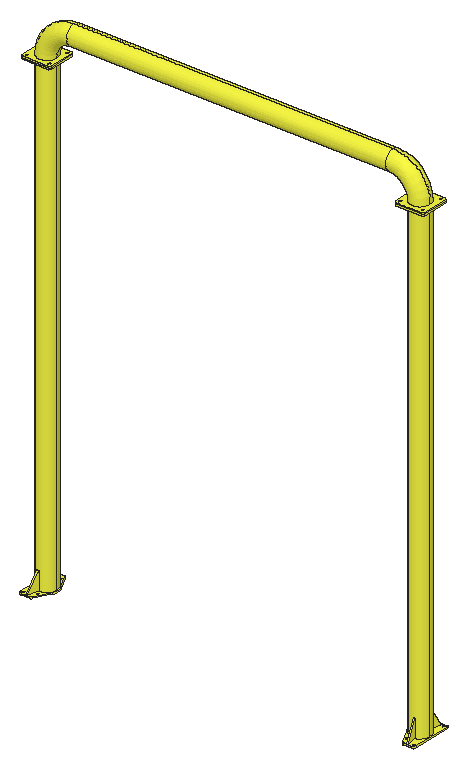
Revit family "Safety & Protection_Bollard_UltiGroup_Steel Full Frame Bollard", category Generic Models, Revit 2016
Family settings
  Part Type = Normal
  Can host rebar = No
  Round Connector Dimension = Use Diameter
  Work Plane-Based = No
  Always vertical = Yes
  Cut with Voids When Loaded = No
  Shared = No
  Room Calculation Point = No
Parameters (values of type "Type 3 Full Frame Bollard without Stays")
  URL = "www.ultigroup.co.nz"
  Type 2 Stays width = 1100 mm
  Type 2 Stays = no
  Type 1 Stays width = 750 mm
  Type 1 Stays = no
  Toll Free Phone = "0800 807 753"
  StyleOrType_ANZRS = ""
  Send Message = "http://ultigroup.co.nz/contact-ulti-group/"
  Phone = "07 974 4691"
  Opening height = 4200 mm
  Opening Width = 3000 mm
  ModifiedIssue_ANZRS = 0
  Model = "Steel Full Frame Bollard - Type 3 without Stays"
  InstallationGroup_ANZRS = 0
  Galvanised Steel Yellow = Galvanised Steel Yellow
  FireRating_ANZRS = ""
  FilterObject_ANZRS = ""
  Fax = "07 846 2467"
  Description = "Galvanised Steel Full Frame Bollard"
  CreatedBy_ANZRS = "UltiGroup"
  CreatedByURL_ANZRS = "www.ultigroup.co.nz"
  CreatedByPhoneNo_ANZRS = "07 974 4691"
  Bolt depth = 71 mm
  Bollard radius = 82.5 mm
  Base Plate width = 250 mm
  Plate Thickness = 12 mm
  Base Plate length = 250 mm
  Address = "17 McKee Street, Te Rapa, Hamilton, 3200, New Zealand"
  AcousticRating_ANZRS = ""
Types (5, lengths in mm): name | Type 2 Stays | Type 1 Stays | Opening height | Opening Width | Model
  (no name) | no | no | 4200 | 3000 | "Steel Full Frame Bollard - Type 3 without Stays"
  Type 1 Full frame Bollard with Stays | no | yes | 4200 | 2500 | "Steel Full Frame Bollard - Type 1 with Stays"
  Type 2 Full Frame Bollard with Stays | yes | no | 4200 | 2500 | "Steel Full Frame Bollard - Type 2 with Stays"
  Type 3 Full Frame Bollard without Stays | no | no | 4200 | 3000 | "Steel Full Frame Bollard - Type 3 without Stays"
  Type 6 Full Frame Bollard with Stays | no | yes | 4500 | 4000 | "Steel Full Frame Bollard - Type 6 with stays"
Reference planes
  plane 1 "Center (Front/Back)": y = 0
  plane 2: z = 0
  plane 3 "Center (Left/Right)": x = 0
  plane 4: x = 3165
  plane 5: z = 12
  plane 6: x = -125
  plane 7: x = 125
  plane 8: y = 125
  plane 9: y = -125
  plane 10: x = 3040
  plane 11: x = 3290
  plane 12: x = 95
  plane 13: x = -95
  plane 14: y = 95
  plane 15: y = -95
  plane 16: x = 3260
  plane 17: x = 3070
  plane 18: z = 4200
  plane 19: z = 4282.5
  plane 20: z = 4042
  plane 21: z = 4030
  plane 22: x = 82.5
  plane 23: x = 3082.5
  plane 24: z = 4054
  plane 25: z = -48.246
  plane 26: z = -119.246
  plane 27: y = -82.5
  plane 28: y = -832.5
  plane 29: y = -915
  plane 30: y = -1182.5
  plane 31: y = -1265
  plane 32: y = -1082.5
  plane 33: y = -1447.5
  plane 34: y = -1102.5
  plane 35: y = -1427.5
  plane 36: through (0, -1289.164, 1941.664) normal (0, 0.7071, -0.7071)
  plane 37: z = 1965.827
  plane 38: through (-29.97, -1095.029, 1200) normal (0.9848, 0.1736, 0)
  plane 39: through (-29.97, -1434.971, 1200) normal (-0.9848, 0.1736, 0)
  plane 40: x = -73
  plane 41: x = 17
  plane 42: x = 3238
  plane 43: x = 3148
  plane 44: y = -732.5
  plane 45: y = -1097.5
  plane 46: y = -1077.5
  plane 47: y = -752.5
  plane 48: x = -93
  plane 49: x = 3258
  plane 50: y = -1142.5
  plane 51: y = -1387.5
  plane 52: x = 1582.5
  plane 53: through (0, -915, 1200) normal (-0.9848, -0.1736, 0)
  plane 54: through (0, -915, 1200) normal (0.9848, -0.1736, 0)
  plane 55: y = -792
  plane 56: y = -1038
  plane 57: y = 182.5
  plane 58: y = -182.5
  plane 59: y = 162.5
  plane 60: y = -162.5
  plane 61: y = 123
  plane 62: y = -123
  plane 63: through (0, 0, 1200) normal (-0.9848, -0.1736, 0)
  plane 64: through (0, 0, 1200) normal (0.9848, -0.1736, 0)
Forms (mm)
  Extrusion 1, solid, material "Galvanised Steel Yellow" <- "Galvanised Steel Yellow"
    sketch origin (-1515.324, -1524, 12) x (-1, 0, 0) y (0, -1, 0)
      loop
        circle (-1515.324, -1524) r 82.5
      loop
        circle (-4680.324, -1524) r 82.5
      loop
        circle (-4680.324, -1524) r 81
      loop
        circle (-1515.324, -1524) r 81
    from 0 to 4018
  Extrusion 2, solid, material "Galvanised Steel Yellow" <- "Galvanised Steel Yellow"
    sketch origin (-2187.536, -1524, 4030) x (-1, 0, 0) y (0, -1, 0)
      loop
        line (-2312.536, -1634) -> (-2297.536, -1649) -> (-2077.536, -1649) -> (-2062.536, -1634) -> (-2062.536, -1414) -> (-2077.536, -1399) -> (-2297.536, -1399) -> (-2312.536, -1414) -> (-2312.536, -1634)
      loop
        line (-5227.536, -1634) -> (-5227.536, -1414) -> (-5242.536, -1399) -> (-5462.536, -1399) -> (-5477.536, -1414) -> (-5477.536, -1634) -> (-5462.536, -1649) -> (-5242.536, -1649) -> (-5227.536, -1634)
      loop
        circle (-5257.536, -1619) r 10.5
      loop
        circle (-5447.536, -1619) r 8
      loop
        circle (-5257.536, -1429) r 10.5
      loop
        circle (-5447.536, -1429) r 8
      loop
        circle (-2092.536, -1619) r 8
      loop
        circle (-2282.536, -1619) r 8
      loop
        circle (-2092.536, -1429) r 8
      loop
        circle (-2282.536, -1429) r 8
    from 0 to 12
  Extrusion 3, solid, material "Galvanised Steel Yellow" <- "Galvanised Steel Yellow"
    sketch origin (-2187.536, -1524, 4042) x (-1, 0, 0) y (0, -1, 0)
      loop
        line (-2077.536, -1649) -> (-2062.536, -1634) -> (-2062.536, -1414) -> (-2077.536, -1399) -> (-2297.536, -1399) -> (-2312.536, -1414) -> (-2312.536, -1634) -> (-2297.536, -1649) -> (-2077.536, -1649)
      loop
        line (-5227.536, -1634) -> (-5227.536, -1414) -> (-5242.536, -1399) -> (-5462.536, -1399) -> (-5477.536, -1414) -> (-5477.536, -1634) -> (-5462.536, -1649) -> (-5242.536, -1649) -> (-5227.536, -1634)
      loop
        circle (-2092.536, -1619) r 8
      loop
        circle (-2282.536, -1619) r 8
      loop
        circle (-2282.536, -1429) r 8
      loop
        circle (-2092.536, -1429) r 8
      loop
        circle (-5257.536, -1619) r 8
      loop
        circle (-5447.536, -1619) r 8
      loop
        circle (-5257.536, -1429) r 8
      loop
        circle (-5447.536, -1429) r 8
    from 0 to 12
  Sweep 4, solid, material "Galvanised Steel Yellow" <- "Galvanised Steel Yellow"
    path origin (0, 0, 0) x (1, 0, 0) y (0, 0, 1)
      loop
        arc (0, 4053.5) -> (67.073, 4215.427) -> (229, 4282.5) r 229
        line (229, 4282.5) -> (2936, 4282.5)
        arc (2936, 4282.5) -> (3097.927, 4215.427) -> (3165, 4053.5) r 229
    profile origin (1582.5, 0, 4282.5) x (0, 0, 1) y (0, -1, 0)
      loop
        circle (0, 0) r 82.5
      loop
        circle (0, 0) r 78.5
  Extrusion 5, solid, material "Galvanised Steel Yellow" <- "Galvanised Steel Yellow", visible <- "Type 1 Stays"
    sketch origin (0, 0, 0) x (1, 0, 0) y (0, 1, 0)
      loop
        arc (-93, -1077.5) -> (-87.142, -1091.642) -> (-73, -1097.5) r 20
        line (-73, -1097.5) -> (-4.935, -1097.5)
        arc (-4.935, -1097.5) -> (5.304, -1094.68) -> (12.656, -1087.016) r 20
        line (12.656, -1087.016) -> (80.353, -961.871)
        arc (80.353, -961.871) -> (93, -915.048) -> (80.353, -868.224) r 93
        line (80.353, -868.224) -> (12.605, -742.984)
        arc (12.605, -742.984) -> (5.253, -735.32) -> (-4.986, -732.5) r 20
        line (-4.986, -732.5) -> (-73, -732.5)
        arc (-73, -732.5) -> (-87.142, -738.358) -> (-93, -752.5) r 20
        line (-93, -752.5) -> (-93, -1077.5)
      loop
        line (3258, -1077.5) -> (3258, -752.5)
        arc (3258, -752.5) -> (3252.142, -738.358) -> (3238, -732.5) r 20
        line (3238, -732.5) -> (3169.986, -732.5)
        arc (3169.986, -732.5) -> (3159.747, -735.32) -> (3152.395, -742.984) r 20
        line (3152.395, -742.984) -> (3084.647, -868.224)
        arc (3084.647, -868.224) -> (3072, -915.048) -> (3084.647, -961.871) r 93
        line (3084.647, -961.871) -> (3152.344, -1087.016)
        arc (3152.344, -1087.016) -> (3159.696, -1094.68) -> (3169.935, -1097.5) r 20
        line (3169.935, -1097.5) -> (3238, -1097.5)
        arc (3238, -1097.5) -> (3252.142, -1091.642) -> (3258, -1077.5) r 20
      loop
        circle (17, -792) r 8
      loop
        circle (-73, -1077.5) r 8
      loop
        circle (-73, -752.5) r 8
      loop
        circle (17, -1038) r 8
      loop
        circle (3148, -792) r 8
      loop
        circle (3238, -1077.5) r 8
      loop
        circle (3238, -752.5) r 8
      loop
        circle (3148, -1038) r 8
    from 0 to 12
  Sweep 6, solid, material "Galvanised Steel Yellow" <- "Galvanised Steel Yellow", visible <- "Type 1 Stays"
    path origin (0, 0, 0) x (0, 1, 0) y (0, 0, 1)
      loop
        line (-915, 12) -> (-915, 865.827) -> (-228.518, 1552.31)
    profile origin (0, -915, 438.914) x (0, -1, 0) y (1, 0, 0)
      loop
        circle (0, 0) r 82.5
      loop
        circle (0, 0) r 78.5
  Sweep 7, solid, material "Galvanised Steel Yellow" <- "Galvanised Steel Yellow", visible <- "Type 1 Stays"
    path origin (3165, 2000, 1200) x (0, 1, 0) y (0, 0, 1)
      loop
        line (-2915, -1188) -> (-2915, -334.173) -> (-2228.518, 352.31)
    profile origin (3165, -915, 438.914) x (0, -1, 0) y (1, 0, 0)
      loop
        circle (0, 0) r 82.5
      loop
        circle (0, 0) r 78.5
  Extrusion 8, solid, material "Galvanised Steel Yellow" <- "Galvanised Steel Yellow", visible <- "Type 1 Stays"
    sketch origin (0, 0, 0) x (0, 1, 0) y (0, 0, 1)
      loop
        line (-82.5, 1581.655) -> (-82.5, 1815) -> (-269.883, 1627.617) -> (-153.211, 1510.944) -> (-82.5, 1581.655)
    from -6 to 6
  Extrusion 9, solid, material "Galvanised Steel Yellow" <- "Galvanised Steel Yellow", visible <- "Type 1 Stays"
    sketch origin (3165, 2000, 1200) x (0, 1, 0) y (0, 0, 1)
      loop
        line (-2082.5, 381.655) -> (-2082.5, 615) -> (-2269.883, 427.617) -> (-2153.211, 310.944) -> (-2082.5, 381.655)
    from -6 to 6
  Extrusion 10, solid, material "Galvanised Steel Yellow" <- "Galvanised Steel Yellow", visible <- "Type 1 Stays"
    sketch origin (0, -153.211, 1510.944) x (0, -0.707107, 0.707107) y (-1, 0, 0)
      loop
        line (207.5, -110) -> (207.5, 110) -> (192.5, 125) -> (-27.5, 125) -> (-42.5, 110) -> (-42.5, -110) -> (-27.5, -125) -> (192.5, -125) -> (207.5, -110)
      loop
        circle (177.5, 95) r 8
      loop
        circle (-12.5, 95) r 8
      loop
        circle (-12.5, -95) r 8
      loop
        circle (177.5, -95) r 8
    from 0 to 12
  Extrusion 11, solid, material "Galvanised Steel Yellow" <- "Galvanised Steel Yellow", visible <- "Type 1 Stays"
    sketch origin (3165, -269.883, 1627.617) x (0, 0.707107, -0.707107) y (1, 0, 0)
      loop
        line (192.5, 125) -> (-27.5, 125) -> (-42.5, 110) -> (-42.5, -110) -> (-27.5, -125) -> (192.5, -125) -> (207.5, -110) -> (207.5, 110) -> (192.5, 125)
      loop
        circle (-12.5, -95) r 8
      loop
        circle (177.5, -95) r 8
      loop
        circle (177.5, 95) r 8
      loop
        circle (-12.5, 95) r 8
    from 0 to 12
  Extrusion 12, solid, material "Galvanised Steel Yellow" <- "Galvanised Steel Yellow", visible <- "Type 1 Stays"
    sketch origin (0, -228.518, 1552.31) x (1, 0, 0) y (0, 0.707107, -0.707107)
      loop
        line (110, -125.001) -> (125, -110.001) -> (125, 109.999) -> (110, 124.999) -> (-110, 124.999) -> (-125, 109.999) -> (-125, -110.001) -> (-110, -125.001) -> (110, -125.001)
      loop
        circle (-95, -95) r 8
      loop
        circle (-95, 95) r 8
      loop
        circle (95, 95) r 8
      loop
        circle (95, -95) r 8
    from 0 to 12
  Extrusion 13, solid, material "Galvanised Steel Yellow" <- "Galvanised Steel Yellow", visible <- "Type 1 Stays"
    sketch origin (3165, -228.518, 1552.31) x (1, 0, 0) y (0, 0.707107, -0.707107)
      loop
        line (110, -125.001) -> (125, -110.001) -> (125, 109.999) -> (110, 124.999) -> (-110, 124.999) -> (-125, 109.999) -> (-125, -110.001) -> (-110, -125.001) -> (110, -125.001)
      loop
        circle (-95, -95) r 8
      loop
        circle (-95, 95) r 8
      loop
        circle (95, 95) r 8
      loop
        circle (95, -95) r 8
    from 0 to 12
  Extrusion 14, solid, material "Galvanised Steel Yellow" <- "Galvanised Steel Yellow", visible <- "Type 2 Stays"
    sketch origin (0, 0, 0) x (1, 0, 0) y (0, 1, 0)
      loop
        arc (-93, -1427.791) -> (-87.041, -1441.745) -> (-73.002, -1447.5) r 20
        line (-73.002, -1447.5) -> (-4.937, -1447.5)
        arc (-4.937, -1447.5) -> (5.302, -1444.68) -> (12.654, -1437.016) r 20
        line (12.654, -1437.016) -> (80.351, -1311.871)
        arc (80.351, -1311.871) -> (92.998, -1265.048) -> (80.351, -1218.224) r 93
        line (80.351, -1218.224) -> (12.587, -1093.006)
        arc (12.587, -1093.006) -> (5.226, -1085.326) -> (-5.029, -1082.5) r 20.022
        line (-5.029, -1082.5) -> (-72.898, -1082.5)
        arc (-72.898, -1082.5) -> (-87.112, -1088.388) -> (-93, -1102.602) r 20.102
        line (-93, -1102.602) -> (-93, -1427.791)
      loop
        circle (-73, -1102.5) r 8
      loop
        circle (-73, -1427.5) r 8
      loop
        circle (17, -1142.5) r 8
      loop
        circle (17, -1387.5) r 8
      loop
        arc (3152.346, -1437.016) -> (3159.698, -1444.68) -> (3169.937, -1447.5) r 20
        line (3169.937, -1447.5) -> (3238, -1447.5)
        arc (3238, -1447.5) -> (3252.142, -1441.642) -> (3258, -1427.5) r 20
        line (3258, -1427.5) -> (3258, -1102.5)
        arc (3258, -1102.5) -> (3252.142, -1088.358) -> (3238, -1082.5) r 20
        line (3238, -1082.5) -> (3170.029, -1082.5)
        arc (3170.029, -1082.5) -> (3159.774, -1085.326) -> (3152.413, -1093.006) r 20.022
        line (3152.413, -1093.006) -> (3084.649, -1218.224)
        arc (3084.649, -1218.224) -> (3072.002, -1265.048) -> (3084.649, -1311.871) r 93
        line (3084.649, -1311.871) -> (3152.346, -1437.016)
      loop
        circle (3148, -1142.5) r 8
      loop
        circle (3148, -1387.5) r 8
      loop
        circle (3238, -1427.5) r 8
      loop
        circle (3238, -1102.5) r 8
    from 0 to 12
  Sweep 15, solid, material "Galvanised Steel Yellow" <- "Galvanised Steel Yellow", visible <- "Type 2 Stays"
    path origin (0, 0, 0) x (0, 1, 0) y (0, 0, 1)
      loop
        line (-1265, 12) -> (-1265, 1965.827) -> (-228.518, 3002.31)
    profile origin (0, -1265, 988.914) x (0, -1, 0) y (1, 0, 0)
      loop
        circle (0, 0) r 82.5
      loop
        circle (0, 0) r 78.5
  Sweep 16, solid, material "Galvanised Steel Yellow" <- "Galvanised Steel Yellow", visible <- "Type 2 Stays"
    path origin (3165, 2000, 1200) x (0, 1, 0) y (0, 0, 1)
      loop
        line (-3265, -1188) -> (-3265, 765.827) -> (-2228.518, 1802.31)
    profile origin (3165, -1265, 988.914) x (0, -1, 0) y (1, 0, 0)
      loop
        circle (0, 0) r 82.5
      loop
        circle (0, 0) r 78.5
  Extrusion 17, solid, material "Galvanised Steel Yellow" <- "Galvanised Steel Yellow", visible <- "Type 2 Stays"
    sketch origin (0, -228.518, 3002.31) x (1, 0, 0) y (0, 0.707107, -0.707107)
      loop
        line (-110, -125) -> (110, -125) -> (125, -110) -> (125, 110) -> (110, 125) -> (-110, 125) -> (-125, 110) -> (-125, -110) -> (-110, -125)
      loop
        circle (-95, -95) r 8
      loop
        circle (95, -95) r 8
      loop
        circle (95, 95) r 8
      loop
        circle (-95, 95) r 8
    from 0 to 12
  Extrusion 18, solid, material "Galvanised Steel Yellow" <- "Galvanised Steel Yellow", visible <- "Type 2 Stays"
    sketch origin (0, -220.032, 3010.795) x (1, 0, 0) y (0, 0.707107, -0.707107)
      loop
        line (-110, -125) -> (110, -125) -> (125, -110) -> (125, 110) -> (110, 125) -> (-110, 125) -> (-125, 110) -> (-125, -110) -> (-110, -125)
      loop
        circle (-95, -95) r 8
      loop
        circle (95, -95) r 8
      loop
        circle (-95, 95) r 8
      loop
        circle (95, 95) r 8
    from 0 to 12
  Extrusion 19, solid, material "Galvanised Steel Yellow" <- "Galvanised Steel Yellow", visible <- "Type 2 Stays"
    sketch origin (3165, -228.518, 3002.31) x (1, 0, 0) y (0, 0.707107, -0.707107)
      loop
        line (-125, 110) -> (-125, -110) -> (-110, -125) -> (110, -125) -> (125, -110) -> (125, 110) -> (110, 125) -> (-110, 125) -> (-125, 110)
      loop
        circle (-95, -95) r 8
      loop
        circle (95, -95) r 8
      loop
        circle (95, 95) r 8
      loop
        circle (-95, 95) r 8
    from 0 to 12
  Extrusion 20, solid, material "Galvanised Steel Yellow" <- "Galvanised Steel Yellow", visible <- "Type 2 Stays"
    sketch origin (3165, -220.032, 3010.795) x (1, 0, 0) y (0, 0.707107, -0.707107)
      loop
        line (-110, -125) -> (110, -125) -> (125, -110) -> (125, 110) -> (110, 125) -> (-110, 125) -> (-125, 110) -> (-125, -110) -> (-110, -125)
      loop
        circle (-95, -95) r 8
      loop
        circle (-95, 95) r 8
      loop
        circle (95, 95) r 8
      loop
        circle (95, -95) r 8
    from 0 to 12
  Extrusion 21, solid, material "Galvanised Steel Yellow" <- "Galvanised Steel Yellow", visible <- "Type 2 Stays"
    sketch origin (0, 0, 0) x (0, 1, 0) y (0, 0, 1)
      loop
        line (-153.211, 2960.944) -> (-82.5, 3031.655) -> (-82.5, 3265) -> (-269.883, 3077.617) -> (-153.211, 2960.944)
    from -6 to 6
  Extrusion 22, solid, material "Galvanised Steel Yellow" <- "Galvanised Steel Yellow", visible <- "Type 2 Stays"
    sketch origin (3165, 2000, 1200) x (0, 1, 0) y (0, 0, 1)
      loop
        line (-2153.211, 1760.944) -> (-2082.5, 1831.655) -> (-2082.5, 2065) -> (-2269.883, 1877.617) -> (-2153.211, 1760.944)
    from -6 to 6
  Extrusion 23, solid, material "Galvanised Steel Yellow" <- "Galvanised Steel Yellow", visible <- "Type 2 Stays"
    sketch origin (-29.97, -1095.029, 1200) x (-0.173648, 0.984808, 0) y (0, 0, 1)
      loop
        line (-90.062, -1188) -> (-0.062, -1188) -> (-90.062, -1038) -> (-90.062, -1188)
    from -6 to 6
  Extrusion 24, solid, material "Galvanised Steel Yellow" <- "Galvanised Steel Yellow", visible <- "Type 2 Stays"
    sketch origin (-29.97, -1434.971, 1200) x (-0.173648, -0.984808, 0) y (0, 0, -1)
      loop
        line (-90.124, 1188) -> (-90.124, 1038) -> (-0.124, 1188) -> (-90.124, 1188)
    from -6 to 6
  Extrusion 25, solid, material "Galvanised Steel Yellow" <- "Galvanised Steel Yellow", visible <- "Type 2 Stays"
    sketch origin (-1515.324, -1524, 12) x (-1, 0, 0) y (0, -1, 0)
      loop
        line (-4688.703, -176.927) -> (-4704.369, -88.079) -> (-4716.187, -90.163) -> (-4700.521, -179.01)
        arc (-4700.521, -179.01) -> (-4694.65, -177.753) -> (-4688.703, -176.927) r 82.5
      loop
        line (-4700.521, -338.99) -> (-4716.187, -427.837) -> (-4704.369, -429.921) -> (-4688.703, -341.073)
        arc (-4688.703, -341.073) -> (-4694.65, -340.247) -> (-4700.521, -338.99) r 82.5
    from 0 to 150
  Sweep 26, void
    path in 3D
      loop
        line (3200.863, -1433.837, 12) -> (3189.045, -1435.921, 12)
    profile origin (3194.954, -1434.879, 12) x (-0.173648, 0.984808, 0) y (0, 0, -1)
      loop
        line (0, -150) -> (90, -150) -> (0, 0) -> (0, -150)
  Sweep 27, void
    path in 3D
      loop
        line (3189.045, -1094.079, 12) -> (3200.863, -1096.163, 12)
    profile origin (3194.954, -1095.121, 12) x (-0.173648, -0.984808, 0) y (0, 0, -1)
      loop
        line (0, 0) -> (0, -150) -> (90, -150) -> (0, 0)
  Extrusion 28, solid, material "Galvanised Steel Yellow" <- "Galvanised Steel Yellow", visible <- "Type 1 Stays"
    sketch origin (0, -915, 1200) x (0.173648, -0.984808, 0) y (0, 0, 1)
      loop
        line (-82.5, -1188) -> (-82.5, -1038) -> (-172.5, -1188) -> (-82.5, -1188)
    from -6 to 6
  Extrusion 29, solid, material "Galvanised Steel Yellow" <- "Galvanised Steel Yellow", visible <- "Type 1 Stays"
    sketch origin (0, -915, 1200) x (0.173648, 0.984808, 0) y (0, 0, 1)
      loop
        line (-82.5, -1188) -> (-82.5, -1038) -> (-172.5, -1188) -> (-82.5, -1188)
    from -6 to 6
  Extrusion 30, solid, material "Galvanised Steel Yellow" <- "Galvanised Steel Yellow", visible <- "Type 1 Stays"
    sketch origin (-1515.324, -1524, 12) x (-1, 0, 0) y (0, -1, 0)
      loop
        line (-4700.56, -688.98) -> (-4716.243, -777.922) -> (-4704.425, -780.006) -> (-4688.743, -691.069)
        arc (-4688.743, -691.069) -> (-4694.69, -690.24) -> (-4700.56, -688.98) r 82.5
      loop
        line (-4716.243, -440.078) -> (-4700.56, -529.02)
        arc (-4700.56, -529.02) -> (-4694.69, -527.76) -> (-4688.743, -526.931) r 82.5
        line (-4688.743, -526.931) -> (-4704.425, -437.994) -> (-4716.243, -440.078)
    from 0 to 150
  Sweep 31, void
    path in 3D
      loop
        line (3200.919, -1083.922, 12) -> (3189.102, -1086.006, 12)
    profile origin (3195.011, -1084.964, 12) x (-0.173648, 0.984808, 0) y (0, 0, -1)
      loop
        line (0, 0) -> (0, -150) -> (90.309, -150) -> (0, 0)
  Sweep 32, void
    path in 3D
      loop
        line (3189.102, -743.994, 12) -> (3200.919, -746.078, 12)
    profile origin (3195.011, -745.036, 12) x (-0.173648, -0.984808, 0) y (0, 0, -1)
      loop
        line (0, 0) -> (0, -150) -> (90.315, -150) -> (0, 0)
  Extrusion 33, solid, material "Galvanised Steel Yellow" <- "Galvanised Steel Yellow"
    sketch origin (0, 0, 1200) x (0.173648, -0.984808, 0) y (0, 0, 1)
      loop
        line (-172.5, -1188) -> (-82.5, -1188) -> (-82.5, -1038) -> (-172.5, -1188)
    from -6 to 6
  Extrusion 34, solid, material "Galvanised Steel Yellow" <- "Galvanised Steel Yellow"
    sketch origin (0, 0, 1200) x (0.173648, 0.984808, 0) y (0, 0, 1)
      loop
        line (-82.5, -1188) -> (-82.5, -1038) -> (-172.5, -1188) -> (-82.5, -1188)
    from -6 to 6
  Extrusion 35, solid, material "Galvanised Steel Yellow" <- "Galvanised Steel Yellow"
    sketch origin (-1515.324, -1524, 12) x (-1, 0, 0) y (0, -1, 0)
      loop
        line (-4700.56, -1603.98) -> (-4716.243, -1692.922) -> (-4704.425, -1695.006) -> (-4688.743, -1606.069)
        arc (-4688.743, -1606.069) -> (-4694.69, -1605.24) -> (-4700.56, -1603.98) r 82.5
      loop
        line (-4704.425, -1352.994) -> (-4716.243, -1355.078) -> (-4700.56, -1444.02)
        arc (-4700.56, -1444.02) -> (-4694.69, -1442.76) -> (-4688.743, -1441.931) r 82.5
        line (-4688.743, -1441.931) -> (-4704.425, -1352.994)
    from 0 to 150
  Sweep 36, void
    path in 3D
      loop
        line (3200.919, -168.922, 12) -> (3189.102, -171.006, 12)
    profile origin (3195.011, -169.964, 12) x (-0.173648, 0.984808, 0) y (0, 0, -1)
      loop
        line (0, 0) -> (0, -150) -> (90, -150) -> (0, 0)
  Sweep 37, void
    path in 3D
      loop
        line (3189.102, 171.006, 12) -> (3200.919, 168.922, 12)
    profile origin (3195.011, 169.964, 12) x (-0.173648, -0.984808, 0) y (0, 0, -1)
      loop
        line (0, 0) -> (0, -150) -> (90, -150) -> (0, 0)
  Extrusion 38, solid, material "Galvanised Steel Yellow" <- "Galvanised Steel Yellow"
    sketch origin (0, 0, 0) x (1, 0, 0) y (0, 1, 0)
      loop
        arc (12.605, 172.016) -> (5.253, 179.68) -> (-4.986, 182.5) r 20
        line (-4.986, 182.5) -> (-73, 182.5)
        arc (-73, 182.5) -> (-87.142, 176.642) -> (-93, 162.5) r 20
        line (-93, 162.5) -> (-93, -162.5)
        arc (-93, -162.5) -> (-87.142, -176.642) -> (-73, -182.5) r 20
        line (-73, -182.5) -> (-4.935, -182.5)
        arc (-4.935, -182.5) -> (5.304, -179.68) -> (12.656, -172.016) r 20
        line (12.656, -172.016) -> (80.353, -46.871)
        arc (80.353, -46.871) -> (93, -0.048) -> (80.353, 46.776) r 93
        line (80.353, 46.776) -> (12.605, 172.016)
      loop
        circle (17, 123) r 8
      loop
        circle (17, -123) r 8
      loop
        circle (-73, -162.5) r 8
      loop
        circle (-73, 162.5) r 8
    from 0 to 12
  Extrusion 39, solid, material "Galvanised Steel Yellow" <- "Galvanised Steel Yellow"
    sketch origin (0, 0, 0) x (1, 0, 0) y (0, 1, 0)
      loop
        line (3152.395, 172.016) -> (3084.647, 46.776)
        arc (3084.647, 46.776) -> (3072, -0.048) -> (3084.647, -46.871) r 93
        line (3084.647, -46.871) -> (3152.344, -172.016)
        arc (3152.344, -172.016) -> (3159.696, -179.68) -> (3169.935, -182.5) r 20
        line (3169.935, -182.5) -> (3238, -182.5)
        arc (3238, -182.5) -> (3252.142, -176.642) -> (3258, -162.5) r 20
        line (3258, -162.5) -> (3258, 162.5)
        arc (3258, 162.5) -> (3252.142, 176.642) -> (3238, 182.5) r 20
        line (3238, 182.5) -> (3169.986, 182.5)
        arc (3169.986, 182.5) -> (3159.747, 179.68) -> (3152.395, 172.016) r 20
      loop
        circle (3238, 162.5) r 8
      loop
        circle (3238, -162.5) r 8
      loop
        circle (3148, 123) r 8
      loop
        circle (3148, -123) r 8
    from 0 to 12
Cuts and joins
  joined: Extrusion 8, Extrusion 9, Extrusion 10, Extrusion 11
  joined: Sweep 6, Extrusion 12
  joined: Sweep 7, Extrusion 13
  joined: Sweep 15, Extrusion 17
  joined: Sweep 16, Extrusion 19
  joined: Extrusion 18, Extrusion 21
  Sweep 26, Sweep 27 cuts Extrusion 25
  Sweep 31, Sweep 32 cuts Extrusion 30
  Sweep 36, Sweep 37 cuts Extrusion 35
Lines and regions (mm)
  sketch lines
    curve 1: line (3200.863, -1433.837, 12) -> (3189.045, -1435.921, 12)
    curve 2: line (3189.045, -1094.079, 12) -> (3200.863, -1096.163, 12)
    curve 3: line (3200.919, -1083.922, 12) -> (3189.102, -1086.006, 12)
    curve 4: line (3189.102, -743.994, 12) -> (3200.919, -746.078, 12)
    curve 5: line (3200.919, -168.922, 12) -> (3189.102, -171.006, 12)
    curve 6: line (3189.102, 171.006, 12) -> (3200.919, 168.922, 12)
Dimensions and locks
  "Plate Thickness": plane 5 to level
  "Base Plate width": plane 6 to plane 7
  equal spacing: plane 6, plane 3 "Center (Left/Right)", plane 7
  "Base Plate width": plane 10 to plane 11
  equal spacing: plane 10, plane 4, plane 11
  locked: plane 12 to plane 7 at 30
  locked: plane 6 to plane 13 at 30
  locked: plane 15 to plane 9 at 30
  locked: plane 8 to plane 14 at 30
  locked: plane 10 to plane 17 at 30
  locked: plane 16 to plane 11 at 30
  "Opening height": plane 18 to level
  "Bollard radius": plane 19 to plane 18
  locked: plane 18 to plane 20 at 158
  "Plate Thickness": plane 20 to plane 21
  "Bollard radius": plane 3 "Center (Left/Right)" to plane 22
  "Bollard radius": plane 23 to plane 4
  "Opening Width": plane 22 to plane 23
  "Plate Thickness": plane 24 to plane 20
  "Bolt depth": plane 25 to plane 26
  "Bollard radius": plane 1 "Center (Front/Back)" to plane 27
  "Type 1 Stays width": plane 27 to plane 28
  "Bollard radius": plane 28 to plane 29
  "Base Plate length": plane 8 to plane 9
  plane 1 "Center (Front/Back)" to plane 9 = 125 mm
  "Type 2 Stays width": plane 27 to plane 30
  "Bollard radius": plane 30 to plane 31
  locked: plane 35 to plane 33 at 20
  locked: plane 32 to plane 34 at 20
  locked: plane 37 to plane 2 at 1965.827
  locked: plane 40 to plane 3 "Center (Left/Right)" at 73
  locked: plane 3 "Center (Left/Right)" to plane 41 at 17
  locked: plane 4 to plane 42 at 73
  locked: plane 43 to plane 4 at 17
  equal spacing: plane 32, plane 31, plane 33
  locked: plane 32 to plane 33 at 365
  equal spacing: plane 44, plane 29, plane 45
  locked: plane 44 to plane 45 at 365
  locked: plane 44 to plane 47 at 20
  locked: plane 46 to plane 45 at 20
  locked: plane 48 to plane 3 "Center (Left/Right)" at 93
  locked: plane 4 to plane 49 at 93
  locked: plane 50 to plane 31 at 122.5
  locked: plane 31 to plane 51 at 122.5
  equal spacing: plane 22, plane 52, plane 23
  locked: plane 55 to plane 29 at 123
  locked: plane 29 to plane 56 at 123
  locked: plane 57 to plane 58 at 365
  equal spacing: plane 57, plane 1 "Center (Front/Back)", plane 58
  locked: plane 60 to plane 58 at 20
  locked: plane 57 to plane 59 at 20
  locked: plane 62 to plane 1 "Center (Front/Back)" at 123
  locked: plane 1 "Center (Front/Back)" to plane 61 at 123
  "Bollard radius": radius of Extrusion 1 sketch curve  (x2)
  "Bollard radius": radius of Sweep 4 sketch curve
  "Bollard radius": radius of Sweep 6 sketch curve
  "Bollard radius": radius of Sweep 7 sketch curve
  "Bollard radius": radius of Sweep 15 sketch curve
  "Bollard radius": radius of Sweep 16 sketch curve
  locked: plane 36 to plane 37 (angle 45.00°)
  locked: plane 3 "Center (Left/Right)" to plane 38 (angle 10.00°)
  locked: plane 39 to plane 3 "Center (Left/Right)" (angle 10.00°)
  locked: plane 3 "Center (Left/Right)" to plane 53 (angle 10.00°)
  locked: plane 54 to plane 3 "Center (Left/Right)" (angle 10.00°)
  locked: plane 3 "Center (Left/Right)" to plane 63 (angle 10.00°)
  locked: plane 64 to plane 3 "Center (Left/Right)" (angle 10.00°)
  aligned and locked: level to plane 2
  aligned and locked: plane 1 "Center (Front/Back)" to Extrusion 1 sketch curve  (x2)
  aligned and locked: plane 3 "Center (Left/Right)" to Extrusion 1 sketch curve
  aligned and locked: plane 4 to Extrusion 1 sketch curve
  aligned and locked: Extrusion 1 to plane 21
  aligned and locked: Extrusion 2 sketch curve to plane 7
  aligned and locked: Extrusion 2 sketch curve to plane 8
  aligned and locked: Extrusion 2 sketch curve to plane 9
  aligned and locked: Extrusion 2 sketch curve to plane 6
  aligned and locked: Extrusion 2 sketch curve to plane 10
  aligned and locked: Extrusion 2 sketch curve to plane 11
  aligned and locked: plane 20 to Extrusion 2
  aligned and locked: Extrusion 3 sketch curve to plane 8
  aligned and locked: Extrusion 3 sketch curve to plane 9
  aligned and locked: Extrusion 3 sketch curve to plane 6
  aligned and locked: Extrusion 3 sketch curve to plane 7
  aligned and locked: Extrusion 3 sketch curve to plane 10
  aligned and locked: Extrusion 3 sketch curve to plane 11
  aligned and locked: Extrusion 3 to plane 24
  aligned and locked: Sweep 4 sketch curve to plane 19
  aligned and locked: profile plane to Sweep 4 sketch curve
  aligned and locked: plane 19 to Sweep 4 sketch curve
  aligned and locked: plane 5 to Extrusion 5
  aligned and locked: plane 29 to Sweep 6 sketch curve
  aligned and locked: profile plane to Sweep 6 sketch curve  (x2)
  aligned and locked: plane 29 to Sweep 7 sketch curve
  aligned and locked: plane 5 to Sweep 7 sketch curve
  aligned and locked: profile plane to Sweep 7 sketch curve  (x2)
  aligned and locked: plane 27 to Extrusion 8 sketch curve
  aligned and locked: plane 27 to Extrusion 9 sketch curve
  aligned and locked: Extrusion 12 sketch curve to cut or joined group of Extrusion 8, Extrusion 9, Extrusion 10, Extrusion 11  (x10)
  aligned and locked: Extrusion 13 sketch curve to cut or joined group of Extrusion 8, Extrusion 9, Extrusion 10, Extrusion 11  (x10)
  aligned and locked: plane 5 to Extrusion 14
  aligned and locked: plane 31 to Sweep 15 sketch curve
  aligned and locked: plane 5 to Sweep 15 sketch curve
  aligned and locked: profile plane to Sweep 15 sketch curve  (x2)
  aligned and locked: plane 31 to Sweep 16 sketch curve
  aligned and locked: plane 5 to Sweep 16 sketch curve
  aligned and locked: profile plane to Sweep 16 sketch curve  (x2)
  aligned and locked: plane 36 to Sweep 15 sketch curve
  aligned and locked: plane 36 to Sweep 16 sketch curve
  aligned and locked: Sweep 16 sketch curve to plane 37
  aligned and locked: Sweep 15 sketch curve to plane 37
  aligned and locked: Extrusion 18 sketch curve to cut or joined group of Sweep 15, Extrusion 17  (x15)
  aligned and locked: Extrusion 20 sketch curve to cut or joined group of Sweep 16, Extrusion 19  (x16)
  aligned and locked: Extrusion 18 to Extrusion 21 sketch curve
  aligned and locked: Extrusion 20 to Extrusion 22 sketch curve
  aligned and locked: plane 48 to Extrusion 14 sketch curve
  aligned and locked: plane 33 to Extrusion 14 sketch curve
  aligned and locked: plane 32 to Extrusion 14 sketch curve
  aligned and locked: Extrusion 14 sketch curve to plane 34  (x2)
  aligned and locked: Extrusion 14 sketch curve to plane 40  (x2)
  aligned and locked: Extrusion 14 sketch curve to plane 50  (x2)
  aligned and locked: Extrusion 14 sketch curve to plane 41  (x2)
  aligned and locked: Extrusion 14 sketch curve to plane 51  (x2)
  aligned and locked: Extrusion 14 sketch curve to plane 35  (x2)
  aligned and locked: Extrusion 14 sketch curve to plane 43  (x2)
  aligned and locked: Extrusion 14 sketch curve to plane 42  (x2)
  aligned and locked: plane 49 to Extrusion 14 sketch curve
  aligned and locked: plane 5 to Extrusion 23 sketch curve
  aligned and locked: plane 5 to Extrusion 24 sketch curve
  aligned and locked: Extrusion 25 sketch curve to cut or joined group of Sweep 16, Extrusion 19  (x2)
  aligned and locked: Sweep 26 sketch curve to Extrusion 25  (x2)
  aligned and locked: Sweep 27 sketch curve to cut or joined group of Extrusion 25, Sweep 26, Sweep 27  (x2)
  aligned and locked: Extrusion 28 sketch curve to plane 5
  aligned and locked: plane 48 to Extrusion 5 sketch curve
  aligned and locked: Extrusion 5 sketch curve to plane 44
  aligned and locked: Extrusion 5 sketch curve to plane 45
  aligned and locked: plane 49 to Extrusion 5 sketch curve
  aligned and locked: Extrusion 5 sketch curve to plane 41  (x2)
  aligned and locked: plane 55 to Extrusion 5 sketch curve  (x2)
  aligned and locked: Extrusion 5 sketch curve to plane 40  (x2)
  aligned and locked: plane 47 to Extrusion 5 sketch curve  (x2)
  aligned and locked: plane 56 to Extrusion 5 sketch curve  (x2)
  aligned and locked: plane 46 to Extrusion 5 sketch curve  (x2)
  aligned and locked: Extrusion 5 sketch curve to plane 42  (x2)
  aligned and locked: Extrusion 5 sketch curve to plane 43  (x2)
  aligned and locked: plane 5 to Extrusion 29 sketch curve
  aligned and locked: profile plane to Sweep 31 sketch curve
  aligned and locked: Sweep 31 sketch curve to Extrusion 30
  aligned and locked: profile plane to Sweep 32 sketch curve
  aligned and locked: Extrusion 33 sketch curve to plane 5
  aligned and locked: plane 5 to Extrusion 34 sketch curve
  aligned and locked: Extrusion 35 sketch curve to Extrusion 1  (x2)
  aligned and locked: profile plane to Sweep 36 sketch curve
  aligned and locked: profile plane to Sweep 37 sketch curve
  aligned and locked: plane 57 to Extrusion 38 sketch curve
  aligned and locked: plane 58 to Extrusion 38 sketch curve
  aligned and locked: plane 48 to Extrusion 38 sketch curve
  aligned and locked: Extrusion 38 sketch curve to plane 61
  aligned and locked: Extrusion 38 sketch curve to plane 41  (x2)
  aligned and locked: Extrusion 38 sketch curve to plane 62
  aligned and locked: Extrusion 38 sketch curve to plane 60
  aligned and locked: Extrusion 38 sketch curve to plane 40  (x2)
  aligned and locked: Extrusion 38 sketch curve to plane 59
  aligned and locked: plane 5 to Extrusion 38
  aligned and locked: plane 57 to Extrusion 39 sketch curve
  aligned and locked: plane 58 to Extrusion 39 sketch curve
  aligned and locked: plane 49 to Extrusion 39 sketch curve
  aligned and locked: Extrusion 39 sketch curve to plane 59
  aligned and locked: Extrusion 39 sketch curve to plane 42  (x2)
  aligned and locked: Extrusion 39 sketch curve to plane 60
  aligned and locked: Extrusion 39 sketch curve to plane 61
  aligned and locked: Extrusion 39 sketch curve to plane 43  (x2)
  aligned and locked: Extrusion 39 sketch curve to plane 62
  aligned and locked: plane 5 to Extrusion 39
Automatic sketch dimensions
  Extrusion 1 sketch curve to Extrusion 1 sketch curve = 0 mm  (x4)
  Extrusion 2 sketch curve to Extrusion 2 sketch curve = 0 mm  (x16)
  Extrusion 2 sketch curve to plane 9 = 0 mm
  Extrusion 2 sketch curve to plane 8 = 0 mm
  plane 14 to Extrusion 2 sketch curve = 0 mm  (x2)
  plane 15 to Extrusion 2 sketch curve = 0 mm  (x2)
  Extrusion 2 sketch curve to plane 16 = 0 mm  (x2)
  Extrusion 2 sketch curve to plane 17 = 0 mm  (x2)
  Extrusion 2 sketch curve to plane 15 = 0 mm  (x2)
  Extrusion 2 sketch curve to plane 14 = 0 mm  (x2)
  Extrusion 2 sketch curve to plane 12 = 0 mm  (x2)
  Extrusion 2 sketch curve to plane 13 = 0 mm  (x2)
  Extrusion 2 sketch curve to plane 11 = 15 mm  (x2)
  plane 10 to Extrusion 2 sketch curve = 15 mm  (x2)
  Extrusion 2 sketch curve to plane 7 = 15 mm  (x2)
  plane 6 to Extrusion 2 sketch curve = 15 mm  (x2)
  Extrusion 2 sketch curve to plane 8 = 15 mm  (x4)
  plane 9 to Extrusion 2 sketch curve = 15 mm  (x4)
  Extrusion 2 sketch curve to plane 16 = 8 mm  (x2)
  Extrusion 2 sketch curve to plane 23 = 2 mm  (x2)
  Extrusion 2 sketch curve to Extrusion 2 sketch curve = 8 mm  (x2)
  Extrusion 2 sketch curve to plane 48 = 6 mm  (x2)
  Extrusion 3 sketch curve to Extrusion 3 sketch curve = 0 mm  (x16)
  Extrusion 3 sketch curve to plane 8 = 0 mm
  Extrusion 3 sketch curve to plane 9 = 0 mm
  plane 14 to Extrusion 3 sketch curve = 0 mm  (x2)
  plane 15 to Extrusion 3 sketch curve = 0 mm  (x2)
  Extrusion 3 sketch curve to plane 16 = 0 mm  (x2)
  Extrusion 3 sketch curve to plane 17 = 0 mm  (x2)
  Extrusion 3 sketch curve to plane 15 = 0 mm  (x2)
  Extrusion 3 sketch curve to plane 14 = 0 mm  (x2)
  Extrusion 3 sketch curve to plane 12 = 0 mm  (x2)
  Extrusion 3 sketch curve to plane 13 = 0 mm  (x2)
  Extrusion 3 sketch curve to plane 11 = 15 mm  (x2)
  plane 10 to Extrusion 3 sketch curve = 15 mm  (x2)
  Extrusion 3 sketch curve to plane 7 = 15 mm  (x2)
  plane 6 to Extrusion 3 sketch curve = 15 mm  (x2)
  Extrusion 3 sketch curve to plane 8 = 15 mm  (x4)
  plane 9 to Extrusion 3 sketch curve = 15 mm  (x4)
  Extrusion 3 sketch curve to plane 16 = 8 mm  (x2)
  Extrusion 3 sketch curve to plane 23 = 4.5 mm  (x2)
  Extrusion 3 sketch curve to Extrusion 3 sketch curve = 8 mm  (x2)
  Extrusion 3 sketch curve to plane 48 = 6 mm  (x2)
  Sweep 4 sketch curve to plane 3 "Center (Left/Right)" = 0 mm
  Sweep 4 sketch curve to plane 4 = 0 mm
  Sweep 4 sketch curve to plane 24 = 0.5 mm  (x2)
  Sweep 4 sketch curve to Sweep 4 sketch curve = 0 mm  (x2)
  plane 5 to Sweep 6 sketch curve = 853.827 mm
  Sweep 6 sketch curve to plane 9 = 103.518 mm
  plane 37 to Sweep 6 sketch curve = 413.518 mm
  Sweep 6 sketch curve to Sweep 6 sketch curve = 0 mm  (x2)
  Sweep 7 sketch curve to Sweep 7 sketch curve = 853.827 mm
  Sweep 7 sketch curve to plane 9 = 103.518 mm
  plane 37 to Sweep 7 sketch curve = 413.518 mm
  Sweep 7 sketch curve to Sweep 7 sketch curve = 0 mm  (x2)
  Extrusion 8 sketch curve to plane 9 = 28.211 mm
  Extrusion 8 sketch curve to plane 9 = 144.883 mm
  plane 37 to Extrusion 8 sketch curve = 454.883 mm
  Extrusion 8 sketch curve to Extrusion 8 sketch curve = 70.711 mm
  Extrusion 9 sketch curve to plane 9 = 28.211 mm
  Extrusion 9 sketch curve to plane 9 = 144.883 mm
  plane 37 to Extrusion 9 sketch curve = 454.883 mm
  Extrusion 9 sketch curve to Extrusion 9 sketch curve = 70.711 mm
  Extrusion 8 to Extrusion 10 sketch curve = 42.5 mm
  Extrusion 10 sketch curve to Extrusion 10 sketch curve = 15 mm  (x10)
  Extrusion 8 to Extrusion 10 sketch curve = 12.5 mm  (x2)
  Extrusion 10 sketch curve to Extrusion 8 = 12.5 mm  (x2)
  Extrusion 10 sketch curve to Extrusion 8 = 27.5 mm  (x2)
  Extrusion 10 sketch curve to Extrusion 8 = 119 mm
  Extrusion 10 sketch curve to Extrusion 8 = 89 mm  (x2)
  Extrusion 11 sketch curve to Extrusion 9 = 42.5 mm
  Extrusion 11 sketch curve to Extrusion 11 sketch curve = 15 mm  (x9)
  Extrusion 11 sketch curve to Extrusion 9 = 12.5 mm  (x2)
  Extrusion 9 to Extrusion 11 sketch curve = 12.5 mm  (x2)
  Extrusion 9 to Extrusion 11 sketch curve = 27.5 mm  (x2)
  Extrusion 11 sketch curve to Extrusion 9 = 119 mm
  Extrusion 11 sketch curve to Extrusion 11 sketch curve = 30 mm
  Extrusion 11 sketch curve to Extrusion 9 = 89 mm  (x2)
  Extrusion 12 sketch curve to Extrusion 12 sketch curve = 15 mm  (x6)
  Extrusion 12 sketch curve to Extrusion 12 sketch curve = 7.001 mm  (x2)
  Extrusion 12 sketch curve to Extrusion 12 sketch curve = 6.999 mm  (x2)
  Extrusion 13 sketch curve to Extrusion 13 sketch curve = 15 mm  (x6)
  Extrusion 13 sketch curve to Extrusion 13 sketch curve = 7.001 mm  (x2)
  Extrusion 13 sketch curve to Extrusion 13 sketch curve = 6.999 mm  (x2)
  Extrusion 14 sketch curve to Extrusion 14 sketch curve = 0 mm  (x4)
  plane 35 to Extrusion 14 sketch curve = 0 mm  (x3)
  plane 40 to Extrusion 14 sketch curve = 0.002 mm
  Extrusion 14 sketch curve to plane 34 = 0.102 mm
  Extrusion 14 sketch curve to plane 3 "Center (Left/Right)" = 5.029 mm
  Extrusion 14 sketch curve to plane 3 "Center (Left/Right)" = 4.937 mm
  Extrusion 14 sketch curve to plane 3 "Center (Left/Right)" = 0.002 mm
  plane 41 to Extrusion 14 sketch curve = 4.413 mm
  plane 41 to Extrusion 14 sketch curve = 4.346 mm
  Extrusion 14 sketch curve to plane 22 = 2.149 mm  (x2)
  plane 23 to Extrusion 14 sketch curve = 2.149 mm  (x2)
  Extrusion 14 sketch curve to plane 43 = 4.346 mm
  Extrusion 14 sketch curve to plane 43 = 4.413 mm
  plane 4 to Extrusion 14 sketch curve = 0.002 mm
  plane 4 to Extrusion 14 sketch curve = 4.937 mm
  plane 4 to Extrusion 14 sketch curve = 5.029 mm
  Extrusion 14 sketch curve to plane 31 = 46.871 mm  (x2)
  Extrusion 14 sketch curve to plane 31 = 0.048 mm  (x2)
  Extrusion 14 sketch curve to plane 34 = 0.022 mm  (x2)
  Sweep 15 sketch curve to plane 9 = 103.518 mm
  Sweep 15 sketch curve to Sweep 15 sketch curve = 0 mm  (x2)
  Sweep 16 sketch curve to plane 9 = 103.518 mm
  Sweep 16 sketch curve to Sweep 16 sketch curve = 0 mm  (x2)
  Extrusion 17 sketch curve to Extrusion 17 sketch curve = 15 mm  (x12)
  Extrusion 17 sketch curve to Extrusion 17 sketch curve = 30 mm  (x2)
  Extrusion 17 sketch curve to Extrusion 17 sketch curve = 190 mm  (x3)
  Extrusion 17 sketch curve to Extrusion 17 sketch curve = 0 mm
  Extrusion 18 sketch curve to Extrusion 17 = 0 mm  (x3)
  Extrusion 19 sketch curve to Extrusion 19 sketch curve = 15 mm  (x13)
  Extrusion 19 sketch curve to Extrusion 19 sketch curve = 30 mm
  Extrusion 19 sketch curve to Extrusion 19 sketch curve = 190 mm  (x3)
  Extrusion 19 sketch curve to Extrusion 19 sketch curve = 0 mm
  Extrusion 20 sketch curve to Extrusion 19 = 0 mm
  Extrusion 19 to Extrusion 20 sketch curve = 0 mm
  Extrusion 21 sketch curve to plane 27 = 0 mm
  Extrusion 21 sketch curve to plane 9 = 28.211 mm
  Extrusion 21 sketch curve to Extrusion 21 sketch curve = 116.673 mm
  Extrusion 22 sketch curve to plane 27 = 0 mm
  Extrusion 22 sketch curve to plane 9 = 28.211 mm
  Extrusion 22 sketch curve to Extrusion 22 sketch curve = 116.673 mm
  plane 5 to Extrusion 23 sketch curve = 150 mm
  Extrusion 23 sketch curve to Extrusion 23 sketch curve = 90 mm
  Extrusion 24 sketch curve to plane 5 = 150 mm
  Extrusion 24 sketch curve to Extrusion 24 sketch curve = 90 mm
  plane 4 to Extrusion 25 sketch curve = 8.379 mm
  Extrusion 25 sketch curve to Extrusion 25 sketch curve = 11.818 mm
  Extrusion 25 sketch curve to plane 35 = 8.421 mm
  plane 4 to Extrusion 25 sketch curve = 24.045 mm
  plane 45 to Extrusion 25 sketch curve = 1.337 mm
  plane 30 to Extrusion 25 sketch curve = 2.51 mm
  plane 45 to Extrusion 25 sketch curve = 3.421 mm
  plane 4 to Extrusion 25 sketch curve = 35.863 mm
  profile plane to Sweep 26 sketch curve = 0 mm
  Sweep 26 sketch curve to profile plane = 90 mm
  profile plane to Sweep 27 sketch curve = 0 mm
  Sweep 27 sketch curve to Sweep 27 sketch curve = 90 mm
  Sweep 6 sketch curve to plane 5 = 0 mm
  Extrusion 28 sketch curve to Extrusion 28 sketch curve = 90 mm
  plane 5 to Extrusion 28 sketch curve = 150 mm
  Extrusion 5 sketch curve to Extrusion 5 sketch curve = 0 mm  (x5)
  Extrusion 5 sketch curve to plane 47 = 0 mm  (x2)
  Extrusion 5 sketch curve to plane 46 = 0 mm  (x2)
  Extrusion 5 sketch curve to plane 3 "Center (Left/Right)" = 0 mm
  Extrusion 5 sketch curve to plane 4 = 0 mm
  Extrusion 5 sketch curve to plane 44 = 0 mm
  Extrusion 5 sketch curve to plane 3 "Center (Left/Right)" = 4.986 mm
  Extrusion 5 sketch curve to plane 3 "Center (Left/Right)" = 4.935 mm
  plane 41 to Extrusion 5 sketch curve = 4.395 mm
  plane 41 to Extrusion 5 sketch curve = 4.344 mm
  Extrusion 5 sketch curve to plane 22 = 2.147 mm  (x2)
  plane 23 to Extrusion 5 sketch curve = 2.147 mm  (x2)
  Extrusion 5 sketch curve to plane 43 = 4.344 mm
  Extrusion 5 sketch curve to plane 43 = 4.395 mm
  plane 4 to Extrusion 5 sketch curve = 4.935 mm
  plane 4 to Extrusion 5 sketch curve = 4.986 mm
  Extrusion 5 sketch curve to plane 29 = 46.871 mm  (x2)
  Extrusion 5 sketch curve to plane 29 = 0.048 mm  (x2)
  Extrusion 29 sketch curve to Extrusion 29 sketch curve = 90 mm
  plane 5 to Extrusion 29 sketch curve = 150 mm
  Extrusion 30 sketch curve to Extrusion 30 sketch curve = 11.818 mm  (x2)
  plane 35 to Extrusion 30 sketch curve = 341.494 mm
  Extrusion 30 sketch curve to Extrusion 30 sketch curve = 0 mm  (x4)
  plane 42 to Extrusion 30 sketch curve = 52.764 mm
  plane 4 to Extrusion 30 sketch curve = 35.919 mm  (x2)
  plane 4 to Extrusion 30 sketch curve = 8.42 mm
  Extrusion 30 sketch curve to Extrusion 30 sketch curve = 11.817 mm
  plane 47 to Extrusion 30 sketch curve = 6.422 mm
  Sweep 31 sketch curve to profile plane = 90.309 mm
  profile plane to Sweep 31 sketch curve = 0 mm
  Extrusion 30 sketch curve to plane 4 = 0 mm
  Extrusion 30 sketch curve to plane 29 = 0 mm
  Extrusion 30 sketch curve to plane 28 = 0.431 mm
  Sweep 32 sketch curve to Sweep 32 sketch curve = 90.315 mm
  Sweep 32 sketch curve to profile plane = 150 mm
  profile plane to Sweep 32 sketch curve = 0 mm
  plane 5 to Extrusion 33 sketch curve = 150 mm
  Extrusion 33 sketch curve to Extrusion 33 sketch curve = 90 mm
  Extrusion 34 sketch curve to Extrusion 34 sketch curve = 90 mm
  plane 5 to Extrusion 34 sketch curve = 150 mm
  plane 59 to Extrusion 35 sketch curve = 6.422 mm
  plane 59 to Extrusion 35 sketch curve = 8.506 mm
  Extrusion 35 sketch curve to Extrusion 35 sketch curve = 11.818 mm
  plane 4 to Extrusion 35 sketch curve = 8.42 mm
  Extrusion 35 sketch curve to plane 60 = 8.506 mm
  Extrusion 35 sketch curve to plane 60 = 6.422 mm
  plane 27 to Extrusion 35 sketch curve = 0.431 mm
  plane 27 to Extrusion 35 sketch curve = 2.52 mm
  Sweep 36 sketch curve to profile plane = 150 mm
  profile plane to Sweep 36 sketch curve = 0 mm
  Sweep 36 sketch curve to Sweep 36 sketch curve = 90 mm
  Sweep 37 sketch curve to profile plane = 150 mm
  profile plane to Sweep 37 sketch curve = 0 mm
  Sweep 37 sketch curve to profile plane = 90 mm
  Extrusion 38 sketch curve to Extrusion 38 sketch curve = 0 mm
  Extrusion 38 sketch curve to plane 40 = 0 mm
  plane 59 to Extrusion 38 sketch curve = 0 mm
  plane 60 to Extrusion 38 sketch curve = 0 mm
  Extrusion 38 sketch curve to plane 3 "Center (Left/Right)" = 0 mm
  Extrusion 38 sketch curve to plane 3 "Center (Left/Right)" = 4.986 mm
  Extrusion 38 sketch curve to plane 3 "Center (Left/Right)" = 4.935 mm
  plane 41 to Extrusion 38 sketch curve = 4.395 mm
  plane 41 to Extrusion 38 sketch curve = 4.344 mm
  Extrusion 38 sketch curve to plane 22 = 2.147 mm  (x2)
  plane 27 to Extrusion 38 sketch curve = 35.629 mm
  plane 1 "Center (Front/Back)" to Extrusion 38 sketch curve = 0.048 mm
  Extrusion 39 sketch curve to Extrusion 39 sketch curve = 0 mm  (x2)
  Extrusion 39 sketch curve to plane 4 = 0 mm
  plane 60 to Extrusion 39 sketch curve = 0 mm
  plane 59 to Extrusion 39 sketch curve = 0 mm
  plane 23 to Extrusion 39 sketch curve = 2.147 mm  (x2)
  Extrusion 39 sketch curve to plane 43 = 4.344 mm
  Extrusion 39 sketch curve to plane 43 = 4.395 mm
  plane 4 to Extrusion 39 sketch curve = 4.935 mm
  plane 4 to Extrusion 39 sketch curve = 4.986 mm
  plane 27 to Extrusion 39 sketch curve = 35.629 mm
  plane 1 "Center (Front/Back)" to Extrusion 39 sketch curve = 0.048 mm
  radius of Extrusion 1 sketch curve = 81 mm  (x2)
  radius of Sweep 4 sketch curve = 78.5 mm
  radius of Sweep 6 sketch curve = 78.5 mm
  radius of Sweep 7 sketch curve = 78.5 mm
  radius of Extrusion 10 sketch curve = 8 mm  (x4)
  radius of Extrusion 11 sketch curve = 8 mm  (x4)
  radius of Extrusion 14 sketch curve = 8 mm  (x8)
  radius of Sweep 15 sketch curve = 78.5 mm
  radius of Sweep 16 sketch curve = 78.5 mm
  radius of Extrusion 17 sketch curve = 8 mm  (x4)
  radius of Extrusion 19 sketch curve = 8 mm  (x4)
  radius of Extrusion 5 sketch curve = 8 mm  (x8)
  radius of Extrusion 38 sketch curve = 8 mm  (x4)
  radius of Extrusion 39 sketch curve = 8 mm  (x4)
